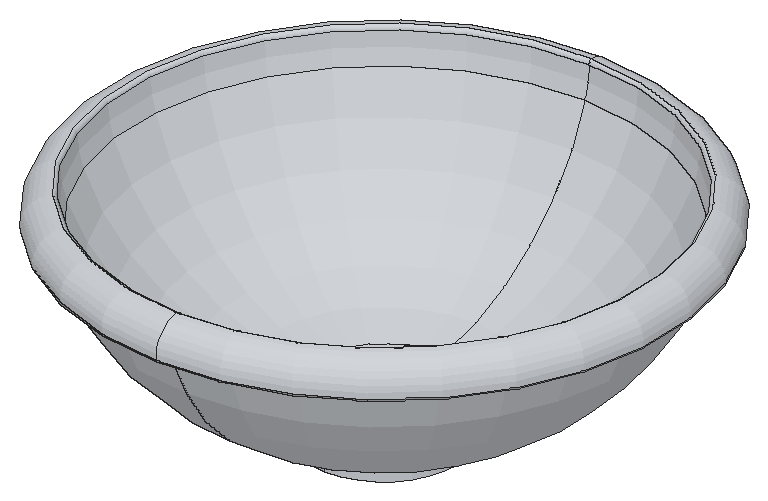
Revit family "O74111001_Lavamanos Manantial Duo para Sobreponer Blanco", category Plumbing Fixtures, host Face, Revit 2019
Family settings
  Host = Face
  Round Connector Dimension = Use Radius
  Part Type = Normal
  OmniClass Number = 23.31.13.11
  OmniClass Title = Single Sinks
  Cut with Voids When Loaded = No
  Shared = No
  Room Calculation Point = No
Parameters
  Uso = "Residencial"  # constant formula
  URL = "https://corona.co/productos/lavamanos/lavamanos-manantial-duo/p/O74111001"
  Tipo de lavamanos = "Para sobreponer"  # constant formula
  Tipo de instalación = "A pared"  # constant formula
  Tipo de desagüe = "Expuesto"  # constant formula
  Tecnologías = "CoverGloss Aquaflow"  # constant formula
  Resistencia = "Alta resistencia al rayado y cambios de temperatura"  # constant formula
  Profundidad del pozo = "13.5 cm"  # constant formula
  Productos compatibles = "Grifería monocontrol media"  # constant formula
  No incluye = "Grifería"  # constant formula
  Materiales = "Porcelana sanitaria"  # constant formula
  Material = Corona_Porcelana_Sanitaria
  Línea = "Manantial"  # constant formula
  Largo = "39.5 cm"  # constant formula
  Garantía = "Garantía completa para siempre en la porcelana"  # constant formula
  Forma = "Redondo"  # constant formula
  Fecha de creación = "30/07/2020"  # constant formula
  Diámetro del desagüe = "101.6 mm"  # constant formula
  Dimensión del pozo = "34.5"  # constant formula
  Description = "Un lavamanos que cuenta con diseño con doble propósito para instalar sobrepuesto en el mesón o tipo vessel. Tiene un práctico tamaño para espacios reducidos y se recomienda instalar con griferías a la pared o de mesón."  # constant formula
  Default Elevation = 121.92 cm
  Creado por = "IDD"  # constant formula
  Colección = "Lavamanos 2008"  # constant formula
  Ancho = "39.5 cm"  # constant formula
  Alto = "15.2 cm"  # constant formula
  Acabado = "Brillante"  # constant formula
Reference planes (cm)
  plane 1 "Center (Front/Back)": y = 0
  plane 2: z = 0
  plane 3 "Center (Left/Right)": x = 0
Forms (cm)
  Extrusion 1, void
    sketch origin (0, 0, 0) x (0, 1, 0) y (1, 0, 0)
      loop
        circle (0, 0) r 3.8
    from 0 to 6.5629
  Extrusion 2, solid, material "Corona_Porcelana_Sanitaria", detail levels coarse
    sketch origin (0, 0, 0) x (0, 1, 0) y (0, 0, 1)
      loop
        line (20.0325, 15.1896) -> (-20.4675, 15.1896) -> (-20.4675, -2.6945) -> (20.0325, -2.6945) -> (20.0325, 15.1896)
    from -20.2179 to 20.8518
Dimensions and locks (cm)
  aligned and locked: plane 2 to host face
  aligned and locked: level to host face
Nested families (cm)
  nested 1: "LAVAMANOS MANATIAL" at (0, 0, 0), type "LAVAMANOS MANATIAL", detail levels medium+fine
  nested 2: "LVM. MANANTIAL (ELEVACIÓN 2D)" at (0, 0, 0) x (1, 0, 0) z (0, -1, 0), type "LVM. MANANTIAL (ELEVACIÓN 2D)"
  nested 3: "Family2" at (0, 0, 0) x (0, -1, 0) z (1, 0, 0), type "Family2"
  nested 4: "Family3" at (0, 0, 0), type "Family3"
Connectors (cm)
  piping at (0.7, 0.011, 0), diameter 5.08
    settings: on nested 1, index 1, connector inside diameter 609.6 mm, connector length 0 cm, flow factor 0, pipe flow 0.0 L/s, pressure drop 0.0 Pa, fitting loss kfactor 0, connector angle 0.00°, fixture units 0, engagement length 0 cm, angle of deflection 0.00°, flow configuration 0, flow direction 2, fitting loss method 0, system type 16, joint type 0, gender type 0, connector reference index -1, connector utility 0, adjustable connector no, is connector primary yes, connector description ""
Definition of nested family "LAVAMANOS MANATIAL"
  Parameters (values of type "LAVAMANOS MANATIAL")
    COLOR ACCESSORIES = none
    CERAMIC COLOR = none
  Reference planes (cm)
    plane 1 "Center (Front/Back)": y = 0
    plane 2: z = 0
    plane 3 "Center (Left/Right)": x = 0
    plane 4: z = 15.2
    plane 5: y = -19.2953
    plane 6: y = 19.2953
    plane 7: y = 19.3
    plane 8: y = -19.3
    plane 9: x = -19.289
    plane 10: x = 19.289
  Forms (cm)
    Revolve 1, solid, material <- "CERAMIC COLOR"
      sketch origin (0, 25.711, -70.7) x (0, 1, 0) y (0, 0, 1)
        loop
          line (-44.7766, 83.5499) -> (-44.0668, 83.5499)
          arc (-44.0668, 83.5499) -> (-43.8221, 83.4717) -> (-43.6683, 83.2661) r 0.4217
          arc (-43.6683, 83.2661) -> (-38.7788, 76.1247) -> (-30.9332, 72.4705) r 16.3851
          arc (-30.9332, 72.4705) -> (-30.7611, 72.2446) -> (-30.7, 71.9672) r 0.6599
          line (-30.7, 71.9672) -> (-30.7, 70.7) -> (-25.7, 70.7) -> (-25.7, 72.9979)
          arc (-25.7, 72.9979) -> (-28.2417, 73.1279) -> (-30.7654, 73.4564) r 32.4959
          arc (-30.7654, 73.4564) -> (-38.1322, 76.8875) -> (-42.7232, 83.593) r 15.3851
          arc (-42.7232, 83.593) -> (-42.9738, 84.5872) -> (-43.0581, 85.6091) r 6.2351
          arc (-43.0581, 85.6091) -> (-43.1192, 85.7868) -> (-43.2766, 85.8896) r 0.2893
          arc (-43.2766, 85.8896) -> (-44.5932, 85.1658) -> (-44.989, 83.7164) r 1.9254
          arc (-44.989, 83.7164) -> (-44.9115, 83.5965) -> (-44.7766, 83.5499) r 0.2187
        axis (-25.7, 70.7) -> (-25.7, 85.8896)
      angle from 0 to 360
    Extrusion 2, void
      sketch origin (0, 0.011, 0) x (0, 1, 0) y (-1, 0, 0)
        loop
          circle (0, 0) r 3.5
      from 0 to 3.5624
    Revolve 3, solid, material <- "COLOR ACCESSORIES"
      sketch origin (0, 25.7001, -70.325) x (0, 1, 0) y (0, 0, 1)
        loop
          arc (-29.1349, 72.9394) -> (-29.1754, 72.9244) -> (-29.2, 72.8889) r 0.0718
          line (-29.2, 72.8889) -> (-29.2, 70.3288) -> (-25.7, 70.3288) -> (-25.7, 72.9394) -> (-27.2482, 72.9394)
          arc (-27.2482, 72.9394) -> (-27.5256, 72.8548) -> (-27.7, 72.623) r 0.4681
          line (-27.7, 72.623) -> (-27.7, 72.9394) -> (-29.1349, 72.9394)
        axis (-25.7, 70.3288) -> (-25.7, 72.9394)
      angle from 0 to 360
  Cuts and joins
    Extrusion 2 cuts Revolve 1
  Dimensions and locks (cm)
    aligned and locked: plane 2 to level
  Nested families (cm)
    nested 1: "LAVAMANOS (PLANTA 2D)" at (0, 19.3, 0), type "LAVAMANOS (PLANTA 2D)"
  Definition of nested family "LAVAMANOS (PLANTA 2D)"
    Reference planes (cm)
      plane 1 "Center (Front/Back)": y = 0
      plane 2: z = 0
      plane 3 "Center (Left/Right)": x = 0
      plane 4: x = -19.3
      plane 5: x = 19.3
      plane 6: y = -38.6
      plane 7: y = -19.3
    Lines and regions (cm)
      detail lines, in view "Ref. Level"
        curve 1: circle (0, -19.3, 0) r 18.0171 normal (0, 0, 1)
        curve 2: circle (0, -19.3, 0) r 19.3 normal (0, 0, 1)
        curve 3: circle (0, -19.3, 0) r 5 normal (0, 0, 1)
        curve 4: circle (0, -19.3, 0) r 2 normal (0, 0, 1)
        curve 5: circle (0, -19.3, 0) r 3 normal (0, 0, 1)
Definition of nested family "LVM. MANANTIAL (ELEVACIÓN 2D)"
  Reference planes (cm)
    plane 1 "Center (Front/Back)": y = 0
    plane 2: z = 0
    plane 3 "Center (Left/Right)": x = 0
    plane 4: x = -19.3
    plane 5: x = 19.3
    plane 6: y = 15.02
    plane 7: y = 1.5
    plane 8: x = -5
    plane 9: x = 5
    plane 10: x = 5
  Lines and regions (cm)
    detail lines, in view "Ref. Level"
      curve 1: line (-5, 1.5, 0) -> (-5, 0, 0)
      curve 2: line (-5, 0, 0) -> (0, 0, 0)
      curve 3: line (19.3, 15.02, 0) -> (-19.3, 15.02, 0)
      curve 4: line (5, 1.5, 0) -> (5, 0, 0)
      curve 5: line (5, 0, 0) -> (0, 0, 0)
      curve 6: arc (-19.3, 15.02, 0) -> (-20.0071, 14.7271, 0) -> (-20.3, 14.02, 0) r 1
      curve 7: line (-20.3, 14.02, 0) -> (0, 14.02, 0)
      curve 8: arc (19.3, 15.02, 0) -> (20.0071, 14.7271, 0) -> (20.3, 14.02, 0) r 1
      curve 9: line (20.3, 14.02, 0) -> (0, 14.02, 0)
      curve 10: arc (-19.3, 14.02, 0) -> (-14.1602, 5.464, 0) -> (-5, 1.5, 0) r 16.3227
      curve 11: arc (19.3, 14.02, 0) -> (14.1602, 5.464, 0) -> (5, 1.5, 0) r 16.3227
Definition of nested family "Family2"
  Reference planes (cm)
    plane 1 "Center (Front/Back)": y = 0
    plane 2: z = 0
    plane 3 "Center (Left/Right)": x = 0
Definition of nested family "Family3"
  Reference planes (cm)
    plane 1 "Center (Front/Back)": y = 0
    plane 2: z = 0
    plane 3 "Center (Left/Right)": x = 0
